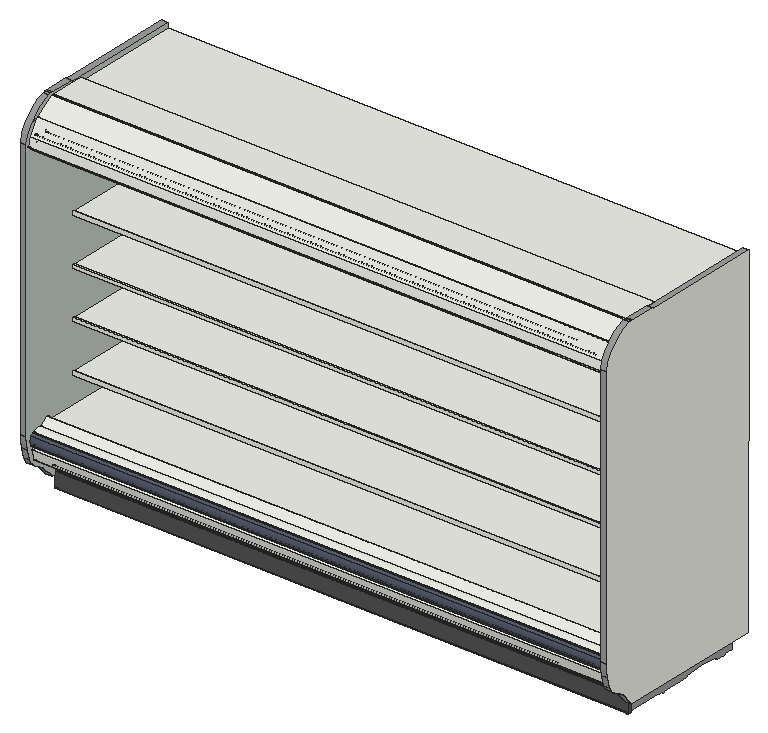
Revit family "ID6SV_2014", category Specialty Equipment, Revit 2014 (continued)
Definition of nested family "Floor Support-Side Skid-ID6SV"
  Forms (in)
    Extrusion 1, solid, material "Stainless Steel" <- "Floor Support"
      sketch origin (-2.24449, 0, 0) x (0, 1, 0) y (0, 0, 1)
        loop
          line (-27.01154, 4.5133) -> (-26.96519, 3.98345) -> (-26.88012, 3.17009) -> (-27.59151, 3.17009) -> (-34.71825, 1.51325) -> (-34.71825, 0.40391) -> (-26.73135, 0.40391) -> (-26.73135, 0.55967) -> (-26.56676, 0.55967)
          arc (-26.56676, 0.55967) -> (-26.45706, 0.46488) -> (-26.31615, 0.43076) r 0.30804
          line (-26.31615, 0.43076) -> (-26.04911, 0.43076)
          arc (-26.04911, 0.43076) -> (-25.9567, 0.406) -> (-25.88905, 0.33835) r 0.18482
          arc (-25.88905, 0.33835) -> (-25.7763, 0.2256) -> (-25.62228, 0.18433) r 0.30804
          line (-25.62228, 0.18433) -> (-24.89081, 0.18433)
          arc (-24.89081, 0.18433) -> (-24.50646, 0) -> (-24.12212, 0.18433) r 0.49286
          line (-24.12212, 0.18433) -> (-17.58237, 0.18433)
          arc (-17.58237, 0.18433) -> (-17.46449, 0.20778) -> (-17.36455, 0.27455) r 0.30804
          line (-17.36455, 0.27455) -> (-17.25206, 0.38704)
          arc (-17.25206, 0.38704) -> (-17.21082, 0.41774) -> (-17.16252, 0.43531) r 0.17728
          arc (-17.16252, 0.43531) -> (-12.55172, 0.90587) -> (-7.94093, 0.43531) r 22.82483
          arc (-7.94093, 0.43531) -> (-7.89262, 0.41774) -> (-7.85138, 0.38704) r 0.17728
          line (-7.85138, 0.38704) -> (-7.73889, 0.27455)
          arc (-7.73889, 0.27455) -> (-7.63896, 0.20778) -> (-7.52108, 0.18433) r 0.30804
          line (-7.52108, 0.18433) -> (-5.98283, 0.18433)
          arc (-5.98283, 0.18433) -> (-5.59849, 0) -> (-5.21415, 0.18433) r 0.49286
          line (-5.21415, 0.18433) -> (-3.21897, 0.18433)
          arc (-3.21897, 0.18433) -> (-3.00341, 0.27252) -> (-2.91148, 0.4865) r 0.30754
          line (-2.91148, 0.4865) -> (-2.82421, 4.28551)
          arc (-2.82421, 4.28551) -> (-2.82774, 4.33352) -> (-2.81878, 4.38081) r 0.18531
          line (-2.81878, 4.38081) -> (0, 6.56211) -> (0, 10.46484) -> (-8.50747, 5.94515) -> (-29.51729, 5.94515)
      from 0 to 4.25
  Dimensions and locks (in)
    "Height": plane 5 to level
    plane 1 "Back" to plane 6 = 34.71825"
    plane 4 "Center (Left/Right)" to plane 3 "Right" = 4 1/4"
    aligned and locked: Extrusion 1 to plane 4 "Center (Left/Right)"
    aligned and locked: plane 3 "Right" to Extrusion 1
  Automatic sketch dimensions
    level to Extrusion 1 sketch curve = 1.51325"
    Extrusion 1 sketch curve to Extrusion 1 sketch curve = 0.39585"
    Extrusion 1 sketch curve to Extrusion 1 sketch curve = 0.08699"
    Extrusion 1 sketch curve to Extrusion 1 sketch curve = 0.09713"
    Extrusion 1 sketch curve to Extrusion 1 sketch curve = 0.04636"
    level to Extrusion 1 sketch curve = 0.40391"
    Extrusion 1 sketch curve to Extrusion 1 sketch curve = 0.86016"
    Extrusion 1 sketch curve to Extrusion 1 sketch curve = 0.4152"
    Extrusion 1 sketch curve to Extrusion 1 sketch curve = 0.26705"
    level to Extrusion 1 sketch curve = 0.18433"  (x4)
    Extrusion 1 sketch curve to Extrusion 1 sketch curve = 0.42683"
    Extrusion 1 sketch curve to Extrusion 1 sketch curve = 0.73147"
    Extrusion 1 sketch curve to Extrusion 1 sketch curve = 0.38434"  (x2)
    level to Extrusion 1 sketch curve = 0.24594"
    Extrusion 1 sketch curve to Extrusion 1 sketch curve = 0.18482"
    Extrusion 1 sketch curve to Extrusion 1 sketch curve = 0.30804"  (x2)
    level to Extrusion 1 sketch curve = 0.49286"  (x2)
    Extrusion 1 sketch curve to Extrusion 1 sketch curve = 0.15577"
    Extrusion 1 sketch curve to Extrusion 1 sketch curve = 2.4313"
    Extrusion 1 sketch curve to Extrusion 1 sketch curve = 0.51374"
    Extrusion 1 sketch curve to Extrusion 1 sketch curve = 0.01611"
    Extrusion 1 sketch curve to Extrusion 1 sketch curve = 0.71139"
    Extrusion 1 sketch curve to Extrusion 1 sketch curve = 6.53976"
    plane 1 "Back" to Extrusion 1 sketch curve = 8.50747"
    Extrusion 1 sketch curve to Extrusion 1 sketch curve = 0.21781"  (x4)
    level to Extrusion 1 sketch curve = 0.38704"
    Extrusion 1 sketch curve to Extrusion 1 sketch curve = 0.11249"  (x2)
    Extrusion 1 sketch curve to Extrusion 1 sketch curve = 0.12536"  (x2)
    Extrusion 1 sketch curve to Extrusion 1 sketch curve = 0.08954"  (x2)
    plane 1 "Back" to Extrusion 1 sketch curve = 12.55172"
    Extrusion 1 sketch curve to Extrusion 1 sketch curve = 0"  (x2)
    level to Extrusion 1 sketch curve = 0.43531"
    Extrusion 1 sketch curve to Extrusion 1 sketch curve = 0.03581"
    Extrusion 1 sketch curve to Extrusion 1 sketch curve = 1.53824"
    level to Extrusion 1 sketch curve = 0.49187"
    Extrusion 1 sketch curve to Extrusion 1 sketch curve = 2.37952"
    Extrusion 1 sketch curve to Extrusion 1 sketch curve = 0.3075"
    plane 1 "Back" to Extrusion 1 sketch curve = 2 211/256"
    Extrusion 1 sketch curve to Extrusion 1 sketch curve = 3.79901"
    Extrusion 1 sketch curve to Extrusion 1 sketch curve = 0.03746"
    Extrusion 1 sketch curve to Extrusion 1 sketch curve = 0.05784"
    Extrusion 1 sketch curve to Extrusion 1 sketch curve = 0.00543"
    plane 1 "Back" to Extrusion 1 sketch curve = 0"
    Extrusion 1 sketch curve to Extrusion 1 sketch curve = 2.23914"
    Extrusion 1 sketch curve to Extrusion 1 sketch curve = 0.81337"
    plane 5 to Extrusion 1 sketch curve = 0"
    plane 5 to Extrusion 1 sketch curve = 4.51969"
    Extrusion 1 sketch curve to plane 6 = 0"
    plane 6 to Extrusion 1 sketch curve = 5.20096"
    Extrusion 1 sketch curve to Extrusion 1 sketch curve = 1 237/256"
Definition of nested family "Shelf"
  Parameters (values of type "Shelf")
    Width = 24"
    URL = "www.hussmann.com"
    Type Comments = "Shelf"
    Shelves = Sheet Metal (Steel Painted) - 700 Interior White
    Model = ""
    Manufacturer = "Hussmann Corporation"
    Height = 5"
    Description = ""
    Depth = 20"
    Assembly Code = ""
    Accessories/Options = ""
  Reference planes (in)
    plane 1 "Back": y = 0
    plane 2 "Bottom": z = 0
    plane 3 "Left": x = -77.30699
    plane 4 "Right": x = -53.30699
    plane 5 "Front": y = -20
    plane 6 "Center (Left/Right)": x = -65.30699
    plane 7: z = 5
  Forms (in)
    Extrusion 1, solid, material "Sheet Metal (Steel Painted) - 700 Interior White" <- "Shelves"
      sketch origin (-77.30699, 7.75, -64.26162) x (0, 1, 0) y (0, 0, 1)
        loop
          line (-7.75, 64.26162) -> (-7.75, 68.01162) -> (-8.5, 68.01162) -> (-8.5, 69.01162) -> (-27.5, 69.01162) -> (-27.5, 69.26162) -> (-27.75, 69.26162) -> (-27.75, 68.26162) -> (-27.5, 68.26162) -> (-27.5, 68.76162) -> (-26, 68.76162) -> (-26, 68.51162) -> (-13.81963, 68.51162) -> (-7.75, 64.26162)
      from 0 to 24
  Dimensions and locks (in)
    "Width": plane 4 "Right" to plane 3 "Left"
    equal spacing: plane 4 "Right", plane 6 "Center (Left/Right)", plane 3 "Left"
    "Depth": plane 1 "Back" to plane 5 "Front"
    "Height": level to plane 7
    aligned and locked: Extrusion 1 to plane 3 "Left"
    aligned and locked: plane 4 "Right" to Extrusion 1
  Automatic sketch dimensions
    Extrusion 1 sketch curve to plane 5 "Front" = 0"
    Extrusion 1 sketch curve to plane 1 "Back" = 0"
    plane 5 "Front" to Extrusion 1 sketch curve = 1/4"  (x2)
    Extrusion 1 sketch curve to Extrusion 1 sketch curve = 1 1/2"
    plane 1 "Back" to Extrusion 1 sketch curve = 6.06963"
    plane 1 "Back" to Extrusion 1 sketch curve = 3/4"
    Extrusion 1 sketch curve to Extrusion 1 sketch curve = 3 3/4"
    Extrusion 1 sketch curve to Extrusion 1 sketch curve = 1/2"  (x2)
    Extrusion 1 sketch curve to Extrusion 1 sketch curve = 1"
    Extrusion 1 sketch curve to Extrusion 1 sketch curve = 1/4"
    Extrusion 1 sketch curve to Extrusion 1 sketch curve = 3/4"
    Extrusion 1 sketch curve to level = 0"
Definition of nested family "Light"
  Parameters (values of type "Light")
    Wattage = 16.1571 W
    built-in parameter 1150110 = 1 (stored number, unit not read)
    built-in parameter 1114217 = 1 (stored number, unit not read)
    built-in parameter 1150109 = 1 (stored number, unit not read)
    built-in parameter 1150134 = (empty or 0)
    built-in parameter 1150113 = 1 (stored number, unit not read)
    Lumens = 2400 lm
    built-in parameter 1150115 = 1 (stored number, unit not read)
    built-in parameter 1150105 = 763.94 (stored number, unit not read)
    Light Source Symbol Size = 24"
    built-in parameter 1150137 = (empty or 0)
    built-in parameter 1150139 = (empty or 0)
    Lense = none
    Length = 144 1/2"
    built-in parameter 1150112 = 1 (stored number, unit not read)
    built-in parameter 1150114 = 1 (stored number, unit not read)
    built-in parameter 1150132 = 2
    built-in parameter 1150102 = (empty or 0)
    built-in parameter 1150138 = (empty or 0)
    built-in parameter 1150107 = 6100 (stored number, unit not read)
    built-in parameter 1150106 = 7.6394 (stored number, unit not read)
    Emit from Line Length = Length  # 144 1/2"
    built-in parameter 1150104 = 13.8 (stored number, unit not read)
    Dimming Lamp Color Temperature Shift = (empty or 0)
    Color Filter = 16777215
    Casing = none
    built-in parameter 1114218 = 1 (stored number, unit not read)
    built-in parameter 1150133 = 10 (stored number, unit not read)
  Reference planes (in)
    plane 1 "Light Source Axis (F/B)": y = -8.60801
    plane 2: z = 0
    plane 3 "Light Source Axis (L/R)": x = 0
    plane 4 "Light Source Elevation": z = 52.5
    plane 5: z = 0
    plane 6 "Left": x = -72.25
    plane 7 "Right": x = 72.25
  Lines and regions (in)
    model lines
      curve 1: line (-72.25, -8.60801, 52.5) -> (72.25, -8.60801, 52.5)
  Dimensions and locks (in)
    equal spacing: plane 7 "Right", plane 3 "Light Source Axis (L/R)", plane 6 "Left"
    "Length": plane 7 "Right" to plane 6 "Left"
    aligned and locked: plane 3 "Light Source Axis (L/R)" to imposter light
    aligned and locked: plane 1 "Light Source Axis (F/B)" to imposter light
    aligned and locked: plane 4 "Light Source Elevation" to imposter light
    aligned and locked: level to plane 5
  Automatic sketch dimensions
    plane 1 "Light Source Axis (F/B)" to curve 1 = 0"
    curve 1 to plane 6 "Left" = 0"
    curve 1 to plane 7 "Right" = 0"
Types (4): name | Width | Waste Outlet Location | Total Weight | Supports | Center Support 1 | Center Support 2 | Case Weight
  12'-0" Length | 144 3/8" | 72" | 1900.00 lbf | yes | no | no | 1700.00 lbf
  8'-0" Length | 96 1/4" | 24" | 1500.00 lbf | no | yes | no | 1300.00 lbf
  6'-0" Length | 72 1/4" | 24" | 1300.00 lbf | no | no | yes | 1100.00 lbf
  4'-0" Length | 48 1/8" | 24" | 1100.00 lbf | no | no | no | 900.00 lbf
